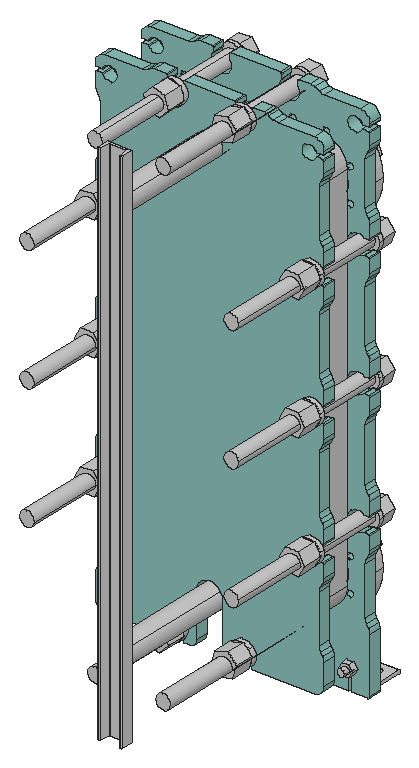
Revit family "Ekin_Endüstriyel - MIT521", category Specialty Equipment, Revit 2022
Family settings
  Round Connector Dimension = Use Diameter
  Part Type = Normal
  Work Plane-Based = No
  Always vertical = No
  Cut with Voids When Loaded = No
  Maintain Annotation Orientation = No
  Shared = No
  Room Calculation Point = No
Parameters (values of type "Flanged")
  URL = "https://en.ekinendustriyel.com/plate-heat-exchanger"
  Type Comments = ""
  Thickness_of_Plate = 0.50 mm  # constant formula
  Number_of_Plate [instance] = 30
  Model = if(Hygienic, if(Design Pressure < 11.0 bar, "H12340000F100L", if(Design Pressure < 16.0 bar, " H12340000F100M", " H12340000F100H")), if(Design Pressure < 10.0 bar, "E12340000F100L", if(Design Pressure < 16.0 bar, " E12340000F100M", " E12340000F100H")))  # "H12340000F100L"
  Material = Galvanized Steel- S235JR
  Manufacturer = "Ekin Endüstriyel"
  Lk [instance] = (Number_of_Plate) * ((Thickness_of_Plate) + 2.60 mm)  # 93.00 mm
  Lh [instance] = 1090.00 mm  # constant formula
  Lf [instance] = 1035.00 mm  # constant formula
  Lc [instance] = if(Number_of_Plate < 31, 350.00 mm, if(Number_of_Plate < 56, 500.00 mm, if(Number_of_Plate < 106, 750.00 mm, if(Number_of_Plate < 151, 1000.00 mm, 1250.00 mm))))  # 350.00 mm
  La [instance] = 470.00 mm  # constant formula
  Keynote = ""
  Industrial = not(Hygienic)  # no
  Hygienic = yes
  Head & Follower Plate [instance] = if(Design Pressure < 11.0 bar, 25.00 mm, if(Design Pressure < 17.0 bar, 35.00 mm, 45.00 mm))  # 25.00 mm
  Follower Plate [instance] = -(Head & Follower Plate)  # -25.00 mm
  Design Pressure = 6.89476 bar
  Description = if(Design Pressure < 11.0 bar, "MIT - Heat Exchanger - 10 bar", if(Design Pressure < 16.0 bar, " MIT - Heat Exchanger - 16 bar", " MIT - Heat Exchanger - 25 bar"))  # "MIT - Heat Exchanger - 10 bar"
  Default Elevation = 0.00 mm
Reference planes
  plane 1 "Center (Front/Back)": y = 0
  plane 2: z = 0
  plane 3 "Center (Left/Right)": x = 0
  plane 4: x = 1160
  plane 5: x = -1000
  plane 6 "2": y = -118
  plane 7 "1": y = -25
  plane 8 "3": y = -375
  plane 9 "Bolt End": y = 18.7
  plane 10: y = -350
Forms (mm)
  Extrusion 1, solid, material "Galvanized Steel", detail levels fine
    sketch origin (4.063, 0, 0) x (1, 0, 0) y (0, 0, 1)
      loop
        line (82.957, 1088) -> (82.957, 1078.933)
        arc (82.957, 1078.933) -> (83.045, 1078.344) -> (83.303, 1077.808) r 2
        arc (83.303, 1077.808) -> (65.937, 1045) -> (48.571, 1077.808) r 21
        arc (48.571, 1077.808) -> (48.829, 1078.344) -> (48.917, 1078.933) r 2
        line (48.917, 1078.933) -> (48.917, 1088)
        arc (48.917, 1088) -> (48.332, 1089.414) -> (46.917, 1090) r 2
        line (46.917, 1090) -> (-55.043, 1090)
        arc (-55.043, 1090) -> (-56.458, 1089.414) -> (-57.043, 1088) r 2
        line (-57.043, 1088) -> (-57.043, 1078.933)
        arc (-57.043, 1078.933) -> (-56.955, 1078.344) -> (-56.697, 1077.808) r 2
        arc (-56.697, 1077.808) -> (-74.063, 1045) -> (-91.429, 1077.808) r 21
        arc (-91.429, 1077.808) -> (-91.171, 1078.344) -> (-91.083, 1078.933) r 2
        line (-91.083, 1078.933) -> (-91.083, 1088)
        arc (-91.083, 1088) -> (-91.668, 1089.414) -> (-93.083, 1090) r 2
        line (-93.083, 1090) -> (-116.204, 1090)
        arc (-116.204, 1090) -> (-121.38, 1089.319) -> (-126.204, 1087.321) r 20
        line (-126.204, 1087.321) -> (-134.243, 1082.679)
        arc (-134.243, 1082.679) -> (-139.066, 1080.681) -> (-144.243, 1080) r 20
        line (-144.243, 1080) -> (-219.063, 1080)
        arc (-219.063, 1080) -> (-233.205, 1074.142) -> (-239.063, 1060) r 20
        line (-239.063, 1060) -> (-239.063, 1055)
        arc (-239.063, 1055) -> (-238.477, 1053.586) -> (-237.063, 1053) r 2
        line (-237.063, 1053) -> (-224.969, 1053)
        arc (-224.969, 1053) -> (-223.831, 1053.355) -> (-223.098, 1054.294) r 2
        arc (-223.098, 1054.294) -> (-194.063, 1049) -> (-223.098, 1043.706) r 15
        arc (-223.098, 1043.706) -> (-223.831, 1044.645) -> (-224.969, 1045) r 2
        line (-224.969, 1045) -> (-237.063, 1045)
        arc (-237.063, 1045) -> (-238.477, 1044.414) -> (-239.063, 1043) r 2
        line (-239.063, 1043) -> (-239.063, 1019.179)
        arc (-239.063, 1019.179) -> (-238.382, 1014.003) -> (-236.384, 1009.179) r 20
        line (-236.384, 1009.179) -> (-231.743, 1001.141)
        arc (-231.743, 1001.141) -> (-229.745, 996.317) -> (-229.063, 991.141) r 20
        line (-229.063, 991.141) -> (-229.063, 901.859)
        arc (-229.063, 901.859) -> (-229.745, 896.683) -> (-231.743, 891.859) r 20
        line (-231.743, 891.859) -> (-236.384, 883.821)
        arc (-236.384, 883.821) -> (-238.382, 878.997) -> (-239.063, 873.821) r 20
        line (-239.063, 873.821) -> (-239.063, 847.25)
        arc (-239.063, 847.25) -> (-238.477, 845.836) -> (-237.063, 845.25) r 2
        line (-237.063, 845.25) -> (-228.061, 845.25)
        arc (-228.061, 845.25) -> (-227.418, 845.356) -> (-226.844, 845.663) r 2
        arc (-226.844, 845.663) -> (-193.063, 829) -> (-226.844, 812.337) r 21
        arc (-226.844, 812.337) -> (-227.418, 812.644) -> (-228.061, 812.75) r 2
        line (-228.061, 812.75) -> (-237.063, 812.75)
        arc (-237.063, 812.75) -> (-238.477, 812.164) -> (-239.063, 810.75) r 2
        line (-239.063, 810.75) -> (-239.063, 784.179)
        arc (-239.063, 784.179) -> (-238.382, 779.003) -> (-236.384, 774.179) r 20
        line (-236.384, 774.179) -> (-231.743, 766.141)
        arc (-231.743, 766.141) -> (-229.745, 761.317) -> (-229.063, 756.141) r 20
        line (-229.063, 756.141) -> (-229.063, 646.859)
        arc (-229.063, 646.859) -> (-229.745, 641.683) -> (-231.743, 636.859) r 20
        line (-231.743, 636.859) -> (-236.384, 628.821)
        arc (-236.384, 628.821) -> (-238.382, 623.997) -> (-239.063, 618.821) r 20
        line (-239.063, 618.821) -> (-239.063, 592.25)
        arc (-239.063, 592.25) -> (-238.477, 590.836) -> (-237.063, 590.25) r 2
        line (-237.063, 590.25) -> (-228.061, 590.25)
        arc (-228.061, 590.25) -> (-227.418, 590.356) -> (-226.844, 590.663) r 2
        arc (-226.844, 590.663) -> (-193.063, 574) -> (-226.844, 557.337) r 21
        arc (-226.844, 557.337) -> (-227.418, 557.644) -> (-228.061, 557.75) r 2
        line (-228.061, 557.75) -> (-237.063, 557.75)
        arc (-237.063, 557.75) -> (-238.477, 557.164) -> (-239.063, 555.75) r 2
        line (-239.063, 555.75) -> (-239.063, 529.179)
        arc (-239.063, 529.179) -> (-238.382, 524.003) -> (-236.384, 519.179) r 20
        line (-236.384, 519.179) -> (-231.743, 511.141)
        arc (-231.743, 511.141) -> (-229.745, 506.317) -> (-229.063, 501.141) r 20
        line (-229.063, 501.141) -> (-229.063, 391.859)
        arc (-229.063, 391.859) -> (-229.745, 386.683) -> (-231.743, 381.859) r 20
        line (-231.743, 381.859) -> (-236.384, 373.821)
        arc (-236.384, 373.821) -> (-238.382, 368.997) -> (-239.063, 363.821) r 20
        line (-239.063, 363.821) -> (-239.063, 337.25)
        arc (-239.063, 337.25) -> (-238.477, 335.836) -> (-237.063, 335.25) r 2
        line (-237.063, 335.25) -> (-228.061, 335.25)
        arc (-228.061, 335.25) -> (-227.418, 335.356) -> (-226.844, 335.663) r 2
        arc (-226.844, 335.663) -> (-193.063, 319) -> (-226.844, 302.337) r 21
        arc (-226.844, 302.337) -> (-227.418, 302.644) -> (-228.061, 302.75) r 2
        line (-228.061, 302.75) -> (-237.063, 302.75)
        arc (-237.063, 302.75) -> (-238.477, 302.164) -> (-239.063, 300.75) r 2
        line (-239.063, 300.75) -> (-239.063, 274.179)
        arc (-239.063, 274.179) -> (-238.382, 269.003) -> (-236.384, 264.179) r 20
        line (-236.384, 264.179) -> (-231.743, 256.141)
        arc (-231.743, 256.141) -> (-229.745, 251.317) -> (-229.063, 246.141) r 20
        line (-229.063, 246.141) -> (-229.063, 146.859)
        arc (-229.063, 146.859) -> (-229.745, 141.683) -> (-231.743, 136.859) r 20
        line (-231.743, 136.859) -> (-236.384, 128.821)
        arc (-236.384, 128.821) -> (-238.382, 123.997) -> (-239.063, 118.821) r 20
        line (-239.063, 118.821) -> (-239.063, 5)
        arc (-239.063, 5) -> (-237.599, 1.464) -> (-234.063, 0) r 5
        line (-234.063, 0) -> (-202.063, 0) -> (-202.063, 34.417)
        arc (-202.063, 34.417) -> (-199.063, 56) -> (-196.063, 34.417) r 11
        line (-196.063, 34.417) -> (-196.063, 0) -> (-164.063, 0)
        arc (-164.063, 0) -> (-160.527, 1.464) -> (-159.063, 5) r 5
        line (-159.063, 5) -> (-159.063, 19.216)
        arc (-159.063, 19.216) -> (-157.541, 26.869) -> (-153.205, 33.358) r 20
        line (-153.205, 33.358) -> (-137.421, 49.142)
        arc (-137.421, 49.142) -> (-130.932, 53.478) -> (-123.279, 55) r 20
        line (-123.279, 55) -> (-92.313, 55)
        arc (-92.313, 55) -> (-90.899, 55.586) -> (-90.313, 57) r 2
        line (-90.313, 57) -> (-90.313, 66.002)
        arc (-90.313, 66.002) -> (-90.419, 66.645) -> (-90.726, 67.219) r 2
        arc (-90.726, 67.219) -> (-74.063, 101) -> (-57.4, 67.219) r 21
        arc (-57.4, 67.219) -> (-57.707, 66.645) -> (-57.813, 66.002) r 2
        line (-57.813, 66.002) -> (-57.813, 57)
        arc (-57.813, 57) -> (-57.227, 55.586) -> (-55.813, 55) r 2
        line (-55.813, 55) -> (47.687, 55)
        arc (47.687, 55) -> (49.101, 55.586) -> (49.687, 57) r 2
        line (49.687, 57) -> (49.687, 66.002)
        arc (49.687, 66.002) -> (49.581, 66.645) -> (49.274, 67.219) r 2
        arc (49.274, 67.219) -> (65.937, 101) -> (82.6, 67.219) r 21
        arc (82.6, 67.219) -> (82.293, 66.645) -> (82.187, 66.002) r 2
        line (82.187, 66.002) -> (82.187, 57)
        arc (82.187, 57) -> (82.773, 55.586) -> (84.187, 55) r 2
        line (84.187, 55) -> (115.153, 55)
        arc (115.153, 55) -> (122.806, 53.478) -> (129.295, 49.142) r 20
        line (129.295, 49.142) -> (145.079, 33.358)
        arc (145.079, 33.358) -> (149.415, 26.869) -> (150.937, 19.216) r 20
        line (150.937, 19.216) -> (150.937, 5)
        arc (150.937, 5) -> (152.401, 1.464) -> (155.937, 0) r 5
        line (155.937, 0) -> (187.937, 0) -> (187.937, 34.417)
        arc (187.937, 34.417) -> (190.937, 56) -> (193.937, 34.417) r 11
        line (193.937, 34.417) -> (193.937, 0) -> (225.937, 0)
        arc (225.937, 0) -> (229.473, 1.464) -> (230.937, 5) r 5
        line (230.937, 5) -> (230.937, 118.821)
        arc (230.937, 118.821) -> (230.255, 123.997) -> (228.257, 128.821) r 20
        line (228.257, 128.821) -> (223.616, 136.859)
        arc (223.616, 136.859) -> (221.618, 141.683) -> (220.937, 146.859) r 20
        line (220.937, 146.859) -> (220.937, 246.141)
        arc (220.937, 246.141) -> (221.618, 251.317) -> (223.616, 256.141) r 20
        line (223.616, 256.141) -> (228.257, 264.179)
        arc (228.257, 264.179) -> (230.255, 269.003) -> (230.937, 274.179) r 20
        line (230.937, 274.179) -> (230.937, 300.75)
        arc (230.937, 300.75) -> (230.351, 302.164) -> (228.937, 302.75) r 2
        line (228.937, 302.75) -> (219.935, 302.75)
        arc (219.935, 302.75) -> (219.292, 302.644) -> (218.718, 302.337) r 2
        arc (218.718, 302.337) -> (184.937, 319) -> (218.718, 335.663) r 21
        arc (218.718, 335.663) -> (219.292, 335.356) -> (219.935, 335.25) r 2
        line (219.935, 335.25) -> (228.937, 335.25)
        arc (228.937, 335.25) -> (230.351, 335.836) -> (230.937, 337.25) r 2
        line (230.937, 337.25) -> (230.937, 363.821)
        arc (230.937, 363.821) -> (230.255, 368.997) -> (228.257, 373.821) r 20
        line (228.257, 373.821) -> (223.616, 381.859)
        arc (223.616, 381.859) -> (221.618, 386.683) -> (220.937, 391.859) r 20
        line (220.937, 391.859) -> (220.937, 501.141)
        arc (220.937, 501.141) -> (221.618, 506.317) -> (223.616, 511.141) r 20
        line (223.616, 511.141) -> (228.257, 519.179)
        arc (228.257, 519.179) -> (230.255, 524.003) -> (230.937, 529.179) r 20
        line (230.937, 529.179) -> (230.937, 555.75)
        arc (230.937, 555.75) -> (230.351, 557.164) -> (228.937, 557.75) r 2
        line (228.937, 557.75) -> (219.935, 557.75)
        arc (219.935, 557.75) -> (219.292, 557.644) -> (218.718, 557.337) r 2
        arc (218.718, 557.337) -> (184.937, 574) -> (218.718, 590.663) r 21
        arc (218.718, 590.663) -> (219.292, 590.356) -> (219.935, 590.25) r 2
        line (219.935, 590.25) -> (228.937, 590.25)
        arc (228.937, 590.25) -> (230.351, 590.836) -> (230.937, 592.25) r 2
        line (230.937, 592.25) -> (230.937, 618.821)
        arc (230.937, 618.821) -> (230.255, 623.997) -> (228.257, 628.821) r 20
        line (228.257, 628.821) -> (223.616, 636.859)
        arc (223.616, 636.859) -> (221.618, 641.683) -> (220.937, 646.859) r 20
        line (220.937, 646.859) -> (220.937, 756.141)
        arc (220.937, 756.141) -> (221.618, 761.317) -> (223.616, 766.141) r 20
        line (223.616, 766.141) -> (228.257, 774.179)
        arc (228.257, 774.179) -> (230.255, 779.003) -> (230.937, 784.179) r 20
        line (230.937, 784.179) -> (230.937, 810.75)
        arc (230.937, 810.75) -> (230.351, 812.164) -> (228.937, 812.75) r 2
        line (228.937, 812.75) -> (219.935, 812.75)
        arc (219.935, 812.75) -> (219.292, 812.644) -> (218.718, 812.337) r 2
        arc (218.718, 812.337) -> (184.937, 829) -> (218.718, 845.663) r 21
        arc (218.718, 845.663) -> (219.292, 845.356) -> (219.935, 845.25) r 2
        line (219.935, 845.25) -> (228.937, 845.25)
        arc (228.937, 845.25) -> (230.351, 845.836) -> (230.937, 847.25) r 2
        line (230.937, 847.25) -> (230.937, 873.821)
        arc (230.937, 873.821) -> (230.255, 878.997) -> (228.257, 883.821) r 20
        line (228.257, 883.821) -> (223.616, 891.859)
        arc (223.616, 891.859) -> (221.618, 896.683) -> (220.937, 901.859) r 20
        line (220.937, 901.859) -> (220.937, 991.141)
        arc (220.937, 991.141) -> (221.618, 996.317) -> (223.616, 1001.141) r 20
        line (223.616, 1001.141) -> (228.257, 1009.179)
        arc (228.257, 1009.179) -> (230.255, 1014.003) -> (230.937, 1019.179) r 20
        line (230.937, 1019.179) -> (230.937, 1043)
        arc (230.937, 1043) -> (230.351, 1044.414) -> (228.937, 1045) r 2
        line (228.937, 1045) -> (216.843, 1045)
        arc (216.843, 1045) -> (215.705, 1044.645) -> (214.972, 1043.706) r 2
        arc (214.972, 1043.706) -> (185.937, 1049) -> (214.972, 1054.294) r 15
        arc (214.972, 1054.294) -> (215.705, 1053.355) -> (216.843, 1053) r 2
        line (216.843, 1053) -> (228.937, 1053)
        arc (228.937, 1053) -> (230.351, 1053.586) -> (230.937, 1055) r 2
        line (230.937, 1055) -> (230.937, 1060)
        arc (230.937, 1060) -> (225.079, 1074.142) -> (210.937, 1080) r 20
        line (210.937, 1080) -> (136.116, 1080)
        arc (136.116, 1080) -> (130.94, 1080.681) -> (126.116, 1082.679) r 20
        line (126.116, 1082.679) -> (118.078, 1087.321)
        arc (118.078, 1087.321) -> (113.254, 1089.319) -> (108.078, 1090) r 20
        line (108.078, 1090) -> (84.957, 1090)
        arc (84.957, 1090) -> (83.542, 1089.414) -> (82.957, 1088) r 2
      loop
        circle (142.128, 1016.149) r 7
      loop
        circle (190.836, 967.442) r 7
      loop
        circle (190.836, 898.558) r 7
      loop
        circle (142.128, 849.851) r 7
      loop
        circle (73.245, 1016.149) r 7
      loop
        circle (24.538, 967.442) r 7
      loop
        circle (24.538, 898.558) r 7
      loop
        circle (73.245, 849.851) r 7
      loop
        circle (142.128, 298.149) r 7
      loop
        circle (190.836, 249.442) r 7
      loop
        circle (190.836, 180.558) r 7
      loop
        circle (142.128, 131.851) r 7
      loop
        circle (73.245, 298.149) r 7
      loop
        circle (24.538, 249.442) r 7
      loop
        circle (24.538, 180.558) r 7
      loop
        circle (73.245, 131.851) r 7
      loop
        circle (107.687, 933) r 77
      loop
        circle (107.687, 215) r 77
      loop
        circle (-4.063, 156) r 6.25
      loop
        circle (-4.063, 992) r 6.25
      loop
        circle (-150.255, 1016.149) r 7
      loop
        circle (-198.962, 967.442) r 7
      loop
        circle (-198.962, 898.558) r 7
      loop
        circle (-150.255, 849.851) r 7
      loop
        circle (-81.372, 1016.149) r 7
      loop
        circle (-32.664, 967.442) r 7
      loop
        circle (-32.664, 898.558) r 7
      loop
        circle (-81.372, 849.851) r 7
      loop
        circle (-150.255, 298.149) r 7
      loop
        circle (-198.962, 249.442) r 7
      loop
        circle (-198.962, 180.558) r 7
      loop
        circle (-150.255, 131.851) r 7
      loop
        circle (-81.372, 298.149) r 7
      loop
        circle (-32.664, 249.442) r 7
      loop
        circle (-32.664, 180.558) r 7
      loop
        circle (-81.372, 131.851) r 7
      loop
        circle (-115.813, 933) r 77
      loop
        circle (-115.813, 215) r 77
    from 0 to 25
  Extrusion 2, solid, material "Galvanized Steel", detail levels fine
    sketch origin (4.063, -118, 0) x (-1, 0, 0) y (0, 0, 1)
      loop
        line (91.083, 1088) -> (91.083, 1078.933)
        arc (91.083, 1078.933) -> (91.171, 1078.344) -> (91.429, 1077.808) r 2
        arc (91.429, 1077.808) -> (74.063, 1045) -> (56.697, 1077.808) r 21
        arc (56.697, 1077.808) -> (56.955, 1078.344) -> (57.043, 1078.933) r 2
        line (57.043, 1078.933) -> (57.043, 1088)
        arc (57.043, 1088) -> (56.458, 1089.414) -> (55.043, 1090) r 2
        line (55.043, 1090) -> (-46.917, 1090)
        arc (-46.917, 1090) -> (-48.332, 1089.414) -> (-48.917, 1088) r 2
        line (-48.917, 1088) -> (-48.917, 1078.933)
        arc (-48.917, 1078.933) -> (-48.829, 1078.344) -> (-48.571, 1077.808) r 2
        arc (-48.571, 1077.808) -> (-65.937, 1045) -> (-83.303, 1077.808) r 21
        arc (-83.303, 1077.808) -> (-83.045, 1078.344) -> (-82.957, 1078.933) r 2
        line (-82.957, 1078.933) -> (-82.957, 1088)
        arc (-82.957, 1088) -> (-83.542, 1089.414) -> (-84.957, 1090) r 2
        line (-84.957, 1090) -> (-108.078, 1090)
        arc (-108.078, 1090) -> (-113.254, 1089.319) -> (-118.078, 1087.321) r 20
        line (-118.078, 1087.321) -> (-126.116, 1082.679)
        arc (-126.116, 1082.679) -> (-130.94, 1080.681) -> (-136.116, 1080) r 20
        line (-136.116, 1080) -> (-210.937, 1080)
        arc (-210.937, 1080) -> (-225.079, 1074.142) -> (-230.937, 1060) r 20
        line (-230.937, 1060) -> (-230.937, 1055)
        arc (-230.937, 1055) -> (-230.351, 1053.586) -> (-228.937, 1053) r 2
        line (-228.937, 1053) -> (-216.843, 1053)
        arc (-216.843, 1053) -> (-215.705, 1053.355) -> (-214.972, 1054.294) r 2
        arc (-214.972, 1054.294) -> (-185.937, 1049) -> (-214.972, 1043.706) r 15
        arc (-214.972, 1043.706) -> (-215.705, 1044.645) -> (-216.843, 1045) r 2
        line (-216.843, 1045) -> (-228.937, 1045)
        arc (-228.937, 1045) -> (-230.351, 1044.414) -> (-230.937, 1043) r 2
        line (-230.937, 1043) -> (-230.937, 1019.179)
        arc (-230.937, 1019.179) -> (-230.255, 1014.003) -> (-228.257, 1009.179) r 20
        line (-228.257, 1009.179) -> (-223.616, 1001.141)
        arc (-223.616, 1001.141) -> (-221.618, 996.317) -> (-220.937, 991.141) r 20
        line (-220.937, 991.141) -> (-220.937, 901.859)
        arc (-220.937, 901.859) -> (-221.618, 896.683) -> (-223.616, 891.859) r 20
        line (-223.616, 891.859) -> (-228.257, 883.821)
        arc (-228.257, 883.821) -> (-230.255, 878.997) -> (-230.937, 873.821) r 20
        line (-230.937, 873.821) -> (-230.937, 847.25)
        arc (-230.937, 847.25) -> (-230.351, 845.836) -> (-228.937, 845.25) r 2
        line (-228.937, 845.25) -> (-219.935, 845.25)
        arc (-219.935, 845.25) -> (-219.292, 845.356) -> (-218.718, 845.663) r 2
        arc (-218.718, 845.663) -> (-184.937, 829) -> (-218.718, 812.337) r 21
        arc (-218.718, 812.337) -> (-219.292, 812.644) -> (-219.935, 812.75) r 2
        line (-219.935, 812.75) -> (-228.937, 812.75)
        arc (-228.937, 812.75) -> (-230.351, 812.164) -> (-230.937, 810.75) r 2
        line (-230.937, 810.75) -> (-230.937, 784.179)
        arc (-230.937, 784.179) -> (-230.255, 779.003) -> (-228.257, 774.179) r 20
        line (-228.257, 774.179) -> (-223.616, 766.141)
        arc (-223.616, 766.141) -> (-221.618, 761.317) -> (-220.937, 756.141) r 20
        line (-220.937, 756.141) -> (-220.937, 646.859)
        arc (-220.937, 646.859) -> (-221.618, 641.683) -> (-223.616, 636.859) r 20
        line (-223.616, 636.859) -> (-228.257, 628.821)
        arc (-228.257, 628.821) -> (-230.255, 623.997) -> (-230.937, 618.821) r 20
        line (-230.937, 618.821) -> (-230.937, 592.25)
        arc (-230.937, 592.25) -> (-230.351, 590.836) -> (-228.937, 590.25) r 2
        line (-228.937, 590.25) -> (-219.935, 590.25)
        arc (-219.935, 590.25) -> (-219.292, 590.356) -> (-218.718, 590.663) r 2
        arc (-218.718, 590.663) -> (-184.937, 574) -> (-218.718, 557.337) r 21
        arc (-218.718, 557.337) -> (-219.292, 557.644) -> (-219.935, 557.75) r 2
        line (-219.935, 557.75) -> (-228.937, 557.75)
        arc (-228.937, 557.75) -> (-230.351, 557.164) -> (-230.937, 555.75) r 2
        line (-230.937, 555.75) -> (-230.937, 529.179)
        arc (-230.937, 529.179) -> (-230.255, 524.003) -> (-228.257, 519.179) r 20
        line (-228.257, 519.179) -> (-223.616, 511.141)
        arc (-223.616, 511.141) -> (-221.618, 506.317) -> (-220.937, 501.141) r 20
        line (-220.937, 501.141) -> (-220.937, 391.859)
        arc (-220.937, 391.859) -> (-221.618, 386.683) -> (-223.616, 381.859) r 20
        line (-223.616, 381.859) -> (-228.257, 373.821)
        arc (-228.257, 373.821) -> (-230.255, 368.997) -> (-230.937, 363.821) r 20
        line (-230.937, 363.821) -> (-230.937, 337.25)
        arc (-230.937, 337.25) -> (-230.351, 335.836) -> (-228.937, 335.25) r 2
        line (-228.937, 335.25) -> (-219.935, 335.25)
        arc (-219.935, 335.25) -> (-219.292, 335.356) -> (-218.718, 335.663) r 2
        arc (-218.718, 335.663) -> (-184.937, 319) -> (-218.718, 302.337) r 21
        arc (-218.718, 302.337) -> (-219.292, 302.644) -> (-219.935, 302.75) r 2
        line (-219.935, 302.75) -> (-228.937, 302.75)
        arc (-228.937, 302.75) -> (-230.351, 302.164) -> (-230.937, 300.75) r 2
        line (-230.937, 300.75) -> (-230.937, 274.179)
        arc (-230.937, 274.179) -> (-230.255, 269.003) -> (-228.257, 264.179) r 20
        line (-228.257, 264.179) -> (-223.616, 256.141)
        arc (-223.616, 256.141) -> (-221.618, 251.317) -> (-220.937, 246.141) r 20
        line (-220.937, 246.141) -> (-220.937, 146.859)
        arc (-220.937, 146.859) -> (-221.618, 141.683) -> (-223.616, 136.859) r 20
        line (-223.616, 136.859) -> (-228.257, 128.821)
        arc (-228.257, 128.821) -> (-230.255, 123.997) -> (-230.937, 118.821) r 20
        line (-230.937, 118.821) -> (-230.937, 75)
        arc (-230.937, 75) -> (-225.079, 60.858) -> (-210.937, 55) r 20
        line (-210.937, 55) -> (-84.187, 55)
        arc (-84.187, 55) -> (-82.773, 55.586) -> (-82.187, 57) r 2
        line (-82.187, 57) -> (-82.187, 66.002)
        arc (-82.187, 66.002) -> (-82.293, 66.645) -> (-82.6, 67.219) r 2
        arc (-82.6, 67.219) -> (-65.937, 101) -> (-49.274, 67.219) r 21
        arc (-49.274, 67.219) -> (-49.581, 66.645) -> (-49.687, 66.002) r 2
        line (-49.687, 66.002) -> (-49.687, 57)
        arc (-49.687, 57) -> (-49.101, 55.586) -> (-47.687, 55) r 2
        line (-47.687, 55) -> (-37.437, 55)
        arc (-37.437, 55) -> (-26.83, 59.393) -> (-22.437, 70) r 15
        line (-22.437, 70) -> (-22.437, 161)
        arc (-22.437, 161) -> (4.063, 187.5) -> (30.563, 161) r 26.5
        line (30.563, 161) -> (30.563, 70)
        arc (30.563, 70) -> (34.956, 59.393) -> (45.563, 55) r 15
        line (45.563, 55) -> (55.813, 55)
        arc (55.813, 55) -> (57.227, 55.586) -> (57.813, 57) r 2
        line (57.813, 57) -> (57.813, 66.002)
        arc (57.813, 66.002) -> (57.707, 66.645) -> (57.4, 67.219) r 2
        arc (57.4, 67.219) -> (74.063, 101) -> (90.726, 67.219) r 21
        arc (90.726, 67.219) -> (90.419, 66.645) -> (90.313, 66.002) r 2
        line (90.313, 66.002) -> (90.313, 57)
        arc (90.313, 57) -> (90.899, 55.586) -> (92.313, 55) r 2
        line (92.313, 55) -> (219.063, 55)
        arc (219.063, 55) -> (233.205, 60.858) -> (239.063, 75) r 20
        line (239.063, 75) -> (239.063, 118.821)
        arc (239.063, 118.821) -> (238.382, 123.997) -> (236.384, 128.821) r 20
        line (236.384, 128.821) -> (231.743, 136.859)
        arc (231.743, 136.859) -> (229.745, 141.683) -> (229.063, 146.859) r 20
        line (229.063, 146.859) -> (229.063, 246.141)
        arc (229.063, 246.141) -> (229.745, 251.317) -> (231.743, 256.141) r 20
        line (231.743, 256.141) -> (236.384, 264.179)
        arc (236.384, 264.179) -> (238.382, 269.003) -> (239.063, 274.179) r 20
        line (239.063, 274.179) -> (239.063, 300.75)
        arc (239.063, 300.75) -> (238.477, 302.164) -> (237.063, 302.75) r 2
        line (237.063, 302.75) -> (228.061, 302.75)
        arc (228.061, 302.75) -> (227.418, 302.644) -> (226.844, 302.337) r 2
        arc (226.844, 302.337) -> (193.063, 319) -> (226.844, 335.663) r 21
        arc (226.844, 335.663) -> (227.418, 335.356) -> (228.061, 335.25) r 2
        line (228.061, 335.25) -> (237.063, 335.25)
        arc (237.063, 335.25) -> (238.477, 335.836) -> (239.063, 337.25) r 2
        line (239.063, 337.25) -> (239.063, 363.821)
        arc (239.063, 363.821) -> (238.382, 368.997) -> (236.384, 373.821) r 20
        line (236.384, 373.821) -> (231.743, 381.859)
        arc (231.743, 381.859) -> (229.745, 386.683) -> (229.063, 391.859) r 20
        line (229.063, 391.859) -> (229.063, 501.141)
        arc (229.063, 501.141) -> (229.745, 506.317) -> (231.743, 511.141) r 20
        line (231.743, 511.141) -> (236.384, 519.179)
        arc (236.384, 519.179) -> (238.382, 524.003) -> (239.063, 529.179) r 20
        line (239.063, 529.179) -> (239.063, 555.75)
        arc (239.063, 555.75) -> (238.477, 557.164) -> (237.063, 557.75) r 2
        line (237.063, 557.75) -> (228.061, 557.75)
        arc (228.061, 557.75) -> (227.418, 557.644) -> (226.844, 557.337) r 2
        arc (226.844, 557.337) -> (193.063, 574) -> (226.844, 590.663) r 21
        arc (226.844, 590.663) -> (227.418, 590.356) -> (228.061, 590.25) r 2
        line (228.061, 590.25) -> (237.063, 590.25)
        arc (237.063, 590.25) -> (238.477, 590.836) -> (239.063, 592.25) r 2
        line (239.063, 592.25) -> (239.063, 618.821)
        arc (239.063, 618.821) -> (238.382, 623.997) -> (236.384, 628.821) r 20
        line (236.384, 628.821) -> (231.743, 636.859)
        arc (231.743, 636.859) -> (229.745, 641.683) -> (229.063, 646.859) r 20
        line (229.063, 646.859) -> (229.063, 756.141)
        arc (229.063, 756.141) -> (229.745, 761.317) -> (231.743, 766.141) r 20
        line (231.743, 766.141) -> (236.384, 774.179)
        arc (236.384, 774.179) -> (238.382, 779.003) -> (239.063, 784.179) r 20
        line (239.063, 784.179) -> (239.063, 810.75)
        arc (239.063, 810.75) -> (238.477, 812.164) -> (237.063, 812.75) r 2
        line (237.063, 812.75) -> (228.061, 812.75)
        arc (228.061, 812.75) -> (227.418, 812.644) -> (226.844, 812.337) r 2
        arc (226.844, 812.337) -> (193.063, 829) -> (226.844, 845.663) r 21
        arc (226.844, 845.663) -> (227.418, 845.356) -> (228.061, 845.25) r 2
        line (228.061, 845.25) -> (237.063, 845.25)
        arc (237.063, 845.25) -> (238.477, 845.836) -> (239.063, 847.25) r 2
        line (239.063, 847.25) -> (239.063, 873.821)
        arc (239.063, 873.821) -> (238.382, 878.997) -> (236.384, 883.821) r 20
        line (236.384, 883.821) -> (231.743, 891.859)
        arc (231.743, 891.859) -> (229.745, 896.683) -> (229.063, 901.859) r 20
        line (229.063, 901.859) -> (229.063, 991.141)
        arc (229.063, 991.141) -> (229.745, 996.317) -> (231.743, 1001.141) r 20
        line (231.743, 1001.141) -> (236.384, 1009.179)
        arc (236.384, 1009.179) -> (238.382, 1014.003) -> (239.063, 1019.179) r 20
        line (239.063, 1019.179) -> (239.063, 1043)
        arc (239.063, 1043) -> (238.477, 1044.414) -> (237.063, 1045) r 2
        line (237.063, 1045) -> (224.969, 1045)
        arc (224.969, 1045) -> (223.831, 1044.645) -> (223.098, 1043.706) r 2
        arc (223.098, 1043.706) -> (194.063, 1049) -> (223.098, 1054.294) r 15
        arc (223.098, 1054.294) -> (223.831, 1053.355) -> (224.969, 1053) r 2
        line (224.969, 1053) -> (237.063, 1053)
        arc (237.063, 1053) -> (238.477, 1053.586) -> (239.063, 1055) r 2
        line (239.063, 1055) -> (239.063, 1060)
        arc (239.063, 1060) -> (233.205, 1074.142) -> (219.063, 1080) r 20
        line (219.063, 1080) -> (144.243, 1080)
        arc (144.243, 1080) -> (139.066, 1080.681) -> (134.243, 1082.679) r 20
        line (134.243, 1082.679) -> (126.204, 1087.321)
        arc (126.204, 1087.321) -> (121.38, 1089.319) -> (116.204, 1090) r 20
        line (116.204, 1090) -> (93.083, 1090)
        arc (93.083, 1090) -> (91.668, 1089.414) -> (91.083, 1088) r 2
      loop
        circle (4.063, 992) r 25
    from 0 to -25 <- "Follower Plate"
  Extrusion 3, solid, material "AISI 316L/Titanium/Hastelloy", detail levels fine
    sketch origin (0, -25, 0) x (-1, 0, 0) y (0, 0, 1)
      loop
        line (-26.15, 1007.5) -> (-137.5, 1007.5)
        arc (-137.5, 1007.5) -> (-172.855, 992.855) -> (-187.5, 957.5) r 50
        line (-187.5, 957.5) -> (-187.5, 190.5)
        arc (-187.5, 190.5) -> (-172.855, 155.145) -> (-137.5, 140.5) r 50
        line (-137.5, 140.5) -> (-26.15, 140.5) -> (-24.15, 142.5) -> (-24.15, 146.5) -> (-25.15, 148.5) -> (-25.15, 158.35)
        arc (-25.15, 158.35) -> (-20.029, 173.561) -> (-6.75, 182.577) r 25.15
        line (-6.75, 182.577) -> (-6.75, 190.5) -> (6.75, 190.5) -> (6.75, 182.577)
        arc (6.75, 182.577) -> (20.029, 173.561) -> (25.15, 158.35) r 25.15
        line (25.15, 158.35) -> (25.15, 148.5) -> (24.15, 146.5) -> (24.15, 142.5) -> (26.15, 140.5) -> (137.5, 140.5)
        arc (137.5, 140.5) -> (172.855, 155.145) -> (187.5, 190.5) r 50
        line (187.5, 190.5) -> (187.5, 957.5)
        arc (187.5, 957.5) -> (172.855, 992.855) -> (137.5, 1007.5) r 50
        line (137.5, 1007.5) -> (26.15, 1007.5) -> (24.15, 1005.5) -> (24.15, 1001.5) -> (25.15, 999.5) -> (25.15, 989.65)
        arc (25.15, 989.65) -> (20.029, 974.439) -> (6.75, 965.423) r 25.15
        line (6.75, 965.423) -> (6.75, 957.5) -> (-6.75, 957.5) -> (-6.75, 965.423)
        arc (-6.75, 965.423) -> (-20.029, 974.439) -> (-25.15, 989.65) r 25.15
        line (-25.15, 989.65) -> (-25.15, 999.5) -> (-24.15, 1001.5) -> (-24.15, 1005.5) -> (-26.15, 1007.5)
    from 0 to -93
  Extrusion 4, solid, material "Galvanized Steel- S235JR"
    sketch origin (0, 0, 0) x (1, 0, 0) y (0, 0, 1)
      loop
        circle (0, 992) r 25
      loop
        circle (0, 156) r 25
    from 25 to 375
  Extrusion 5, solid, material "Galvanized Steel- S235JR"
    sketch origin (0, 0, 0) x (1, 0, 0) y (0, 0, 1)
      loop
        circle (70, 1066) r 15
      loop
        circle (210, 829) r 15
      loop
        circle (210, 574) r 15
      loop
        circle (210, 319) r 15
      loop
        circle (70, 80) r 15
      loop
        circle (-70, 1066) r 15
      loop
        circle (-210, 829) r 15
      loop
        circle (-210, 574) r 15
      loop
        circle (-210, 319) r 15
      loop
        circle (-70, 80) r 15
    from 0 to 350
  Extrusion 6, solid, material "Galvanized Steel- S235JR", detail levels fine
    sketch origin (0, 0, 0) x (1, 0, 0) y (0, 0, 1)
      loop
        line (201.928, 57) -> (188.072, 57) -> (181.144, 45) -> (188.072, 33) -> (201.928, 33) -> (208.856, 45) -> (201.928, 57)
      loop
        line (-201.928, 57) -> (-208.856, 45) -> (-201.928, 33) -> (-188.072, 33) -> (-181.144, 45) -> (-188.072, 57) -> (-201.928, 57)
    from -10 to -20
  Extrusion 7, solid, material "Galvanized Steel- S235JR", detail levels fine
    sketch origin (0, 0, 0) x (1, 0, 0) y (0, 0, 1)
      loop
        circle (195, 45) r 15
      loop
        circle (-195, 45) r 15
    from -10 to -7.5
  Extrusion 8, solid, material "Galvanized Steel- S235JR", detail levels fine
    sketch origin (0, 0, 0) x (1, 0, 0) y (0, 0, 1)
      loop
        circle (195.004, 45) r 7
      loop
        circle (-195.004, 45) r 7
    from 49.8 to -7.5
  Extrusion 9, solid, material "Galvanized Steel- S235JR", detail levels fine
    sketch origin (0, 0, 0) x (1, 0, 0) y (0, 0, 1)
      loop
        line (201.928, 57) -> (188.072, 57) -> (181.144, 45) -> (188.072, 33) -> (201.928, 33) -> (208.856, 45) -> (201.928, 57)
      loop
        line (-201.928, 57) -> (-208.856, 45) -> (-201.928, 33) -> (-188.072, 33) -> (-181.144, 45) -> (-188.072, 57) -> (-201.928, 57)
    from 37.6 to 25
  Extrusion 10, solid, material "Galvanized Steel- S235JR", detail levels fine
    sketch origin (0, 0, 0) x (1, 0, 0) y (0, 0, 1)
      loop
        circle (-111.75, 933) r 40
      loop
        circle (-111.75, 215) r 40
      loop
        circle (111.75, 933) r 40
      loop
        circle (111.75, 215) r 40
      loop
        circle (-111.75, 933) r 77
      loop
        circle (111.75, 933) r 77
      loop
        circle (111.75, 215) r 77
      loop
        circle (-111.75, 215) r 77
    from -7.5 to 25
  Extrusion 11, solid, material "Galvanized Steel- S235JR", detail levels fine
    sketch origin (0, 0, 0) x (1, 0, 0) y (0, 0, 1)
      loop
        circle (194.899, 180.558) r 15
      loop
        circle (146.192, 131.851) r 15
      loop
        circle (194.899, 249.442) r 15
      loop
        circle (146.192, 298.149) r 15
      loop
        circle (28.601, 180.558) r 15
      loop
        circle (77.308, 131.851) r 15
      loop
        circle (28.601, 249.442) r 15
      loop
        circle (77.308, 298.149) r 15
      loop
        circle (-194.899, 180.558) r 15
      loop
        circle (-146.192, 131.851) r 15
      loop
        circle (-194.899, 249.442) r 15
      loop
        circle (-146.192, 298.149) r 15
      loop
        circle (-28.601, 180.558) r 15
      loop
        circle (-77.308, 131.851) r 15
      loop
        circle (-28.601, 249.442) r 15
      loop
        circle (-77.308, 298.149) r 15
      loop
        circle (194.899, 898.558) r 15
      loop
        circle (146.192, 849.851) r 15
      loop
        circle (194.899, 967.442) r 15
      loop
        circle (146.192, 1016.149) r 15
      loop
        circle (28.601, 898.558) r 15
      loop
        circle (77.308, 849.851) r 15
      loop
        circle (28.601, 967.442) r 15
      loop
        circle (77.308, 1016.149) r 15
      loop
        circle (-194.899, 898.558) r 15
      loop
        circle (-146.192, 849.851) r 15
      loop
        circle (-194.899, 967.442) r 15
      loop
        circle (-146.192, 1016.149) r 15
      loop
        circle (-28.601, 898.558) r 15
      loop
        circle (-77.308, 849.851) r 15
      loop
        circle (-28.601, 967.442) r 15
      loop
        circle (-77.308, 1016.149) r 15
    from -25.5 to -28.5
  Extrusion 12, solid, material "Galvanized Steel- S235JR", detail levels fine
    sketch origin (0, 0, 0) x (1, 0, 0) y (0, 0, 1)
      loop
        line (185.566, 191.569) -> (180.697, 177.981) -> (190.03, 166.971) -> (204.232, 169.548) -> (209.101, 183.136) -> (199.768, 194.146) -> (185.566, 191.569)
      loop
        line (147.378, 146.236) -> (134.327, 140.07) -> (133.141, 125.685) -> (145.005, 117.466) -> (158.056, 123.631) -> (159.242, 138.016) -> (147.378, 146.236)
      loop
        line (188.734, 262.492) -> (180.514, 250.628) -> (186.68, 237.577) -> (201.065, 236.391) -> (209.284, 248.255) -> (203.119, 261.306) -> (188.734, 262.492)
      loop
        line (143.614, 312.351) -> (132.604, 303.018) -> (135.181, 288.816) -> (148.769, 283.947) -> (159.779, 293.28) -> (157.202, 307.482) -> (143.614, 312.351)
      loop
        line (37.934, 191.569) -> (23.732, 194.146) -> (14.399, 183.136) -> (19.268, 169.548) -> (33.47, 166.971) -> (42.803, 177.981) -> (37.934, 191.569)
      loop
        line (76.122, 146.236) -> (64.258, 138.016) -> (65.444, 123.631) -> (78.495, 117.466) -> (90.359, 125.685) -> (89.173, 140.07) -> (76.122, 146.236)
      loop
        line (34.766, 262.492) -> (20.381, 261.306) -> (14.216, 248.255) -> (22.435, 236.391) -> (36.82, 237.577) -> (42.986, 250.628) -> (34.766, 262.492)
      loop
        line (79.886, 312.351) -> (66.298, 307.482) -> (63.721, 293.28) -> (74.731, 283.947) -> (88.319, 288.816) -> (90.896, 303.018) -> (79.886, 312.351)
      loop
        line (-185.566, 191.569) -> (-199.768, 194.146) -> (-209.101, 183.136) -> (-204.232, 169.548) -> (-190.03, 166.971) -> (-180.697, 177.981) -> (-185.566, 191.569)
      loop
        line (-147.378, 146.236) -> (-159.242, 138.016) -> (-158.056, 123.631) -> (-145.005, 117.466) -> (-133.141, 125.685) -> (-134.327, 140.07) -> (-147.378, 146.236)
      loop
        line (-188.734, 262.492) -> (-203.119, 261.306) -> (-209.284, 248.255) -> (-201.065, 236.391) -> (-186.68, 237.577) -> (-180.514, 250.628) -> (-188.734, 262.492)
      loop
        line (-143.614, 312.351) -> (-157.202, 307.482) -> (-159.779, 293.28) -> (-148.769, 283.947) -> (-135.181, 288.816) -> (-132.604, 303.018) -> (-143.614, 312.351)
      loop
        line (-37.934, 191.569) -> (-42.803, 177.981) -> (-33.47, 166.971) -> (-19.268, 169.548) -> (-14.399, 183.136) -> (-23.732, 194.146) -> (-37.934, 191.569)
      loop
        line (-76.122, 146.236) -> (-89.173, 140.07) -> (-90.359, 125.685) -> (-78.495, 117.466) -> (-65.444, 123.631) -> (-64.258, 138.016) -> (-76.122, 146.236)
      loop
        line (-34.766, 262.492) -> (-42.986, 250.628) -> (-36.82, 237.577) -> (-22.435, 236.391) -> (-14.216, 248.255) -> (-20.381, 261.306) -> (-34.766, 262.492)
      loop
        line (-79.886, 312.351) -> (-90.896, 303.018) -> (-88.319, 288.816) -> (-74.731, 283.947) -> (-63.721, 293.28) -> (-66.298, 307.482) -> (-79.886, 312.351)
      loop
        line (185.566, 909.569) -> (180.697, 895.981) -> (190.03, 884.971) -> (204.232, 887.548) -> (209.101, 901.136) -> (199.768, 912.146) -> (185.566, 909.569)
      loop
        line (147.378, 864.236) -> (134.327, 858.07) -> (133.141, 843.685) -> (145.005, 835.466) -> (158.056, 841.631) -> (159.242, 856.016) -> (147.378, 864.236)
      loop
        line (188.734, 980.492) -> (180.514, 968.628) -> (186.68, 955.577) -> (201.065, 954.391) -> (209.284, 966.255) -> (203.119, 979.306) -> (188.734, 980.492)
      loop
        line (143.614, 1030.351) -> (132.604, 1021.018) -> (135.181, 1006.816) -> (148.769, 1001.947) -> (159.779, 1011.28) -> (157.202, 1025.482) -> (143.614, 1030.351)
      loop
        line (37.934, 909.569) -> (23.732, 912.146) -> (14.399, 901.136) -> (19.268, 887.548) -> (33.47, 884.971) -> (42.803, 895.981) -> (37.934, 909.569)
      loop
        line (76.122, 864.236) -> (64.258, 856.016) -> (65.444, 841.631) -> (78.495, 835.466) -> (90.359, 843.685) -> (89.173, 858.07) -> (76.122, 864.236)
      loop
        line (34.766, 980.492) -> (20.381, 979.306) -> (14.216, 966.255) -> (22.435, 954.391) -> (36.82, 955.577) -> (42.986, 968.628) -> (34.766, 980.492)
      loop
        line (79.886, 1030.351) -> (66.298, 1025.482) -> (63.721, 1011.28) -> (74.731, 1001.947) -> (88.319, 1006.816) -> (90.896, 1021.018) -> (79.886, 1030.351)
      loop
        line (-185.566, 909.569) -> (-199.768, 912.146) -> (-209.101, 901.136) -> (-204.232, 887.548) -> (-190.03, 884.971) -> (-180.697, 895.981) -> (-185.566, 909.569)
      loop
        line (-147.378, 864.236) -> (-159.242, 856.016) -> (-158.056, 841.631) -> (-145.005, 835.466) -> (-133.141, 843.685) -> (-134.327, 858.07) -> (-147.378, 864.236)
      loop
        line (-188.734, 980.492) -> (-203.119, 979.306) -> (-209.284, 966.255) -> (-201.065, 954.391) -> (-186.68, 955.577) -> (-180.514, 968.628) -> (-188.734, 980.492)
      loop
        line (-143.614, 1030.351) -> (-157.202, 1025.482) -> (-159.779, 1011.28) -> (-148.769, 1001.947) -> (-135.181, 1006.816) -> (-132.604, 1021.018) -> (-143.614, 1030.351)
      loop
        line (-37.934, 909.569) -> (-42.803, 895.981) -> (-33.47, 884.971) -> (-19.268, 887.548) -> (-14.399, 901.136) -> (-23.732, 912.146) -> (-37.934, 909.569)
      loop
        line (-76.122, 864.236) -> (-89.173, 858.07) -> (-90.359, 843.685) -> (-78.495, 835.466) -> (-65.444, 841.631) -> (-64.258, 856.016) -> (-76.122, 864.236)
      loop
        line (-34.766, 980.492) -> (-42.986, 968.628) -> (-36.82, 955.577) -> (-22.435, 954.391) -> (-14.216, 966.255) -> (-20.381, 979.306) -> (-34.766, 980.492)
      loop
        line (-79.886, 1030.351) -> (-90.896, 1021.018) -> (-88.319, 1006.816) -> (-74.731, 1001.947) -> (-63.721, 1011.28) -> (-66.298, 1025.482) -> (-79.886, 1030.351)
    from -38.5 to -28.5
  Extrusion 13, solid, material "Galvanized Steel- S235JR", detail levels fine
    sketch origin (0, 0, 0) x (1, 0, 0) y (0, 0, 1)
      loop
        circle (0, 156.015) r 9
      loop
        circle (0, 991.984) r 9
    from -2.5 to -14.559
  Extrusion 14, solid, material "Galvanized Steel- S235JR", detail levels medium+fine
    sketch origin (0, 0, 0) x (1, 0, 0) y (0, 1, 0)
      loop
        line (-25, -375) -> (-25, -398)
        arc (-25, -398) -> (-24.414, -399.414) -> (-23, -400) r 2
        line (-23, -400) -> (-22.026, -400)
        arc (-22.026, -400) -> (-21.054, -399.643) -> (-20.545, -398.741) r 1.5
        line (-20.545, -398.741) -> (-17.772, -381.676)
        arc (-17.772, -381.676) -> (-16.666, -380.453) -> (-15.08, -380) r 3
        line (-15.08, -380) -> (15.08, -380)
        arc (15.08, -380) -> (16.666, -380.453) -> (17.772, -381.676) r 3
        line (17.772, -381.676) -> (20.545, -398.741)
        arc (20.545, -398.741) -> (21.054, -399.643) -> (22.026, -400) r 1.5
        line (22.026, -400) -> (23, -400)
        arc (23, -400) -> (24.414, -399.414) -> (25, -398) r 2
        line (25, -398) -> (25, -375) -> (-25, -375)
    from 0 to 1090
  Extrusion 15, solid, material "Galvanized Steel- S235JR"
    sketch origin (212.5, 0, 5) x (0, 0, 1) y (0, -1, 0)
      loop
        line (7.5, -7.5) -> (62, -7.5)
        arc (62, -7.5) -> (64.121, -6.621) -> (65, -4.5) r 3
        line (65, -4.5) -> (65, 0) -> (-4, 0)
        arc (-4, 0) -> (-4.707, -0.293) -> (-5, -1) r 1
        line (-5, -1) -> (-5, -68)
        arc (-5, -68) -> (-4.414, -69.414) -> (-3, -70) r 2
        line (-3, -70) -> (0.5, -70)
        arc (0.5, -70) -> (1.914, -69.414) -> (2.5, -68) r 2
        line (2.5, -68) -> (2.5, -12.5)
        arc (2.5, -12.5) -> (3.964, -8.964) -> (7.5, -7.5) r 5
    from 7.5 to -432.5
  Extrusion 16, void
    sketch origin (202.5, 12.5, 7.5) x (0, -1, 0) y (1, 0, 0)
      loop
        line (12.5, -32.5) -> (-57.5, -32.5) -> (-57.5, -372.5) -> (12.5, -372.5) -> (12.5, -32.5)
      loop
        circle (-32.5, -397.5) r 9
      loop
        circle (-32.5, -7.5) r 9
    from -7.5 to 62.5
  Extrusion 17, solid, material "Galvanized Steel- S235JR", detail levels medium+fine
    sketch origin (0, 0, 0) x (1, 0, 0) y (0, 0, 1)
      loop
        circle (70, 1066) r 25
      loop
        circle (210, 829) r 25
      loop
        circle (210, 574) r 25
      loop
        circle (210, 319) r 25
      loop
        circle (70, 80) r 25
      loop
        circle (-70, 1066) r 25
      loop
        circle (-210, 829) r 25
      loop
        circle (-210, 574) r 25
      loop
        circle (-210, 319) r 25
      loop
        circle (-70, 80) r 25
    from 0 to -7.5
  Extrusion 18, solid, material "Galvanized Steel- S235JR", detail levels fine
    sketch origin (4.063, -143, 0) x (1, 0, 0) y (0, 0, 1)
      loop
        line (-55.647, 1085.135) -> (-81.427, 1091.517) -> (-99.843, 1072.381) -> (-92.479, 1046.865) -> (-66.699, 1040.483) -> (-48.283, 1059.619) -> (-55.647, 1085.135)
      loop
        line (-227.721, 851.777) -> (-240.617, 828.56) -> (-226.959, 805.783) -> (-200.405, 806.223) -> (-187.509, 829.44) -> (-201.167, 852.217) -> (-227.721, 851.777)
      loop
        line (-227.721, 596.777) -> (-240.617, 573.56) -> (-226.959, 550.783) -> (-200.405, 551.223) -> (-187.509, 574.44) -> (-201.167, 597.217) -> (-227.721, 596.777)
      loop
        line (-200.405, 296.223) -> (-187.509, 319.44) -> (-201.167, 342.217) -> (-227.721, 341.777) -> (-240.617, 318.56) -> (-226.959, 295.783) -> (-200.405, 296.223)
      loop
        line (-81.427, 105.517) -> (-99.843, 86.381) -> (-92.479, 60.865) -> (-66.699, 54.483) -> (-48.283, 73.619) -> (-55.647, 99.135) -> (-81.427, 105.517)
      loop
        line (47.521, 1085.135) -> (40.157, 1059.619) -> (58.573, 1040.483) -> (84.353, 1046.865) -> (91.717, 1072.381) -> (73.301, 1091.517) -> (47.521, 1085.135)
      loop
        line (219.595, 851.777) -> (193.041, 852.217) -> (179.383, 829.44) -> (192.279, 806.223) -> (218.833, 805.783) -> (232.491, 828.56) -> (219.595, 851.777)
      loop
        line (219.595, 596.777) -> (193.041, 597.217) -> (179.383, 574.44) -> (192.279, 551.223) -> (218.833, 550.783) -> (232.491, 573.56) -> (219.595, 596.777)
      loop
        line (192.279, 296.223) -> (218.833, 295.783) -> (232.491, 318.56) -> (219.595, 341.777) -> (193.041, 342.217) -> (179.383, 319.44) -> (192.279, 296.223)
      loop
        line (73.301, 105.517) -> (47.521, 99.135) -> (40.157, 73.619) -> (58.573, 54.483) -> (84.353, 60.865) -> (91.717, 86.381) -> (73.301, 105.517)
    from 10.7 to 50.8
  Extrusion 19, solid, material "Galvanized Steel- S235JR", detail levels fine
    sketch origin (4.063, -143, 0) x (1, 0, 0) y (0, 0, 1)
      loop
        circle (-74.063, 1066) r 25
      loop
        circle (-214.063, 829) r 25
      loop
        circle (-214.063, 574) r 25
      loop
        circle (-214.063, 319) r 25
      loop
        circle (-74.063, 80) r 25
      loop
        circle (65.937, 1066) r 25
      loop
        circle (205.937, 829) r 25
      loop
        circle (205.937, 574) r 25
      loop
        circle (205.937, 319) r 25
      loop
        circle (65.937, 80) r 25
    from 10.7 to 0
  Extrusion 20, solid, material "Galvanized Steel- S235JR", detail levels medium+fine
    sketch origin (0, 0, 0) x (1, 0, 0) y (0, 0, 1)
      loop
        line (84.783, 1087.715) -> (58.585, 1089.66) -> (43.803, 1067.944) -> (55.217, 1044.285) -> (81.415, 1042.34) -> (96.197, 1064.056) -> (84.783, 1087.715)
      loop
        line (218.963, 853.693) -> (193.097, 849.109) -> (184.134, 824.416) -> (201.037, 804.307) -> (226.903, 808.891) -> (235.866, 833.584) -> (218.963, 853.693)
      loop
        line (184.134, 569.416) -> (201.037, 549.307) -> (226.903, 553.891) -> (235.866, 578.584) -> (218.963, 598.693) -> (193.097, 594.109) -> (184.134, 569.416)
      loop
        line (235.866, 323.584) -> (218.963, 343.693) -> (193.097, 339.109) -> (184.134, 314.416) -> (201.037, 294.307) -> (226.903, 298.891) -> (235.866, 323.584)
      loop
        line (58.585, 103.66) -> (43.803, 81.944) -> (55.217, 58.285) -> (81.415, 56.34) -> (96.197, 78.056) -> (84.783, 101.715) -> (58.585, 103.66)
      loop
        line (-84.783, 1087.715) -> (-96.197, 1064.056) -> (-81.415, 1042.34) -> (-55.217, 1044.285) -> (-43.803, 1067.944) -> (-58.585, 1089.66) -> (-84.783, 1087.715)
      loop
        line (-218.963, 853.693) -> (-235.866, 833.584) -> (-226.903, 808.891) -> (-201.037, 804.307) -> (-184.134, 824.416) -> (-193.097, 849.109) -> (-218.963, 853.693)
      loop
        line (-184.134, 569.416) -> (-193.097, 594.109) -> (-218.963, 598.693) -> (-235.866, 578.584) -> (-226.903, 553.891) -> (-201.037, 549.307) -> (-184.134, 569.416)
      loop
        line (-235.866, 323.584) -> (-226.903, 298.891) -> (-201.037, 294.307) -> (-184.134, 314.416) -> (-193.097, 339.109) -> (-218.963, 343.693) -> (-235.866, 323.584)
      loop
        line (-58.585, 103.66) -> (-84.783, 101.715) -> (-96.197, 78.056) -> (-81.415, 56.34) -> (-55.217, 58.285) -> (-43.803, 81.944) -> (-58.585, 103.66)
    from -8 to -38.6
  Extrusion 21, solid, material "AISI 316L/Titanium/Hastelloy", detail levels coarse
    sketch origin (0, 0, 1090) x (1, 0, 0) y (0, 1, 0)
      loop
        line (25, -375) -> (-25, -375) -> (-25, -400) -> (25, -400) -> (25, -375)
    from 0 to -1090
  Extrusion 22, solid, material "Galvanized Steel- S235JR", detail levels fine
    sketch origin (0, 0, 0) x (1, 0, 0) y (0, 0, 1)
      loop
        circle (111.75, 933) r 77
      loop
        circle (28.601, 967.442) r 7
      loop
        circle (28.601, 898.558) r 7
      loop
        circle (77.308, 1016.149) r 7
      loop
        circle (77.308, 849.851) r 7
      loop
        circle (111.75, 215) r 77
      loop
        circle (28.601, 249.442) r 7
      loop
        circle (28.601, 180.558) r 7
      loop
        circle (77.308, 298.149) r 7
      loop
        circle (77.308, 131.851) r 7
      loop
        circle (111.75, 215) r 110
      loop
        circle (111.75, 933) r 110
      loop
        circle (194.899, 967.442) r 7
      loop
        circle (194.899, 898.558) r 7
      loop
        circle (146.192, 1016.149) r 7
      loop
        circle (146.192, 849.851) r 7
      loop
        circle (194.899, 249.442) r 7
      loop
        circle (194.899, 180.558) r 7
      loop
        circle (146.192, 298.149) r 7
      loop
        circle (146.192, 131.851) r 7
      loop
        circle (-111.75, 933) r 77
      loop
        circle (-28.601, 967.442) r 7
      loop
        circle (-28.601, 898.558) r 7
      loop
        circle (-77.308, 1016.149) r 7
      loop
        circle (-77.308, 849.851) r 7
      loop
        circle (-111.75, 215) r 77
      loop
        circle (-28.601, 249.442) r 7
      loop
        circle (-28.601, 180.558) r 7
      loop
        circle (-77.308, 298.149) r 7
      loop
        circle (-77.308, 131.851) r 7
      loop
        circle (-111.75, 215) r 110
      loop
        circle (-111.75, 933) r 110
      loop
        circle (-194.899, 967.442) r 7
      loop
        circle (-194.899, 898.558) r 7
      loop
        circle (-146.192, 1016.149) r 7
      loop
        circle (-146.192, 849.851) r 7
      loop
        circle (-194.899, 249.442) r 7
      loop
        circle (-194.899, 180.558) r 7
      loop
        circle (-146.192, 298.149) r 7
      loop
        circle (-146.192, 131.851) r 7
    from 0 to -25.5
  Extrusion 23, solid, material "Galvanized Steel- S235JR", detail levels fine
    sketch origin (0, 0, 0) x (1, 0, 0) y (0, 0, 1)
      loop
        circle (0, 992) r 12
      loop
        circle (0, 156) r 12
    from 0 to -2.5
  Extrusion 24, solid, material "Galvanized Steel", detail levels medium
    sketch origin (4.063, 0, 0) x (1, 0, 0) y (0, 0, 1)
      loop
        line (113.437, 1090) -> (-121.563, 1090) -> (-138.884, 1080) -> (-219.063, 1080)
        arc (-219.063, 1080) -> (-233.205, 1074.142) -> (-239.063, 1060) r 20
        line (-239.063, 1060) -> (-239.063, 5)
        arc (-239.063, 5) -> (-237.599, 1.464) -> (-234.063, 0) r 5
        line (-234.063, 0) -> (-164.063, 0)
        arc (-164.063, 0) -> (-160.527, 1.464) -> (-159.063, 5) r 5
        line (-159.063, 5) -> (-159.063, 27.5) -> (-131.563, 55) -> (123.437, 55) -> (150.937, 27.5) -> (150.937, 5)
        arc (150.937, 5) -> (152.401, 1.464) -> (155.937, 0) r 5
        line (155.937, 0) -> (225.937, 0)
        arc (225.937, 0) -> (229.473, 1.464) -> (230.937, 5) r 5
        line (230.937, 5) -> (230.937, 1060)
        arc (230.937, 1060) -> (225.079, 1074.142) -> (210.937, 1080) r 20
        line (210.937, 1080) -> (130.757, 1080) -> (113.437, 1090)
      loop
        circle (107.687, 933) r 77
      loop
        circle (107.687, 215) r 77
      loop
        circle (-4.063, 156) r 6.25
      loop
        circle (-4.063, 992) r 6.25
      loop
        circle (200.937, 1049) r 15
      loop
        circle (205.937, 829) r 21
      loop
        circle (205.937, 574) r 21
      loop
        circle (205.937, 319) r 21
      loop
        circle (190.937, 45) r 11
      loop
        circle (65.937, 80) r 21
      loop
        circle (65.937, 1066) r 21
      loop
        circle (-115.813, 933) r 77
      loop
        circle (-115.813, 215) r 77
      loop
        circle (-209.063, 1049) r 15
      loop
        circle (-214.063, 829) r 21
      loop
        circle (-214.063, 574) r 21
      loop
        circle (-214.063, 319) r 21
      loop
        circle (-199.063, 45) r 11
      loop
        circle (-74.063, 80) r 21
      loop
        circle (-74.063, 1066) r 21
    from 0 to 25
  Extrusion 25, solid, material "Galvanized Steel", detail levels medium
    sketch origin (4.063, -118, 0) x (-1, 0, 0) y (0, 0, 1)
      loop
        line (30.563, 161) -> (30.563, 70)
        arc (30.563, 70) -> (34.956, 59.393) -> (45.563, 55) r 15
        line (45.563, 55) -> (234.063, 55)
        arc (234.063, 55) -> (237.599, 56.464) -> (239.063, 60) r 5
        line (239.063, 60) -> (239.063, 1060)
        arc (239.063, 1060) -> (233.205, 1074.142) -> (219.063, 1080) r 20
        line (219.063, 1080) -> (138.884, 1080) -> (121.563, 1090) -> (-113.437, 1090) -> (-130.757, 1080) -> (-210.937, 1080)
        arc (-210.937, 1080) -> (-225.079, 1074.142) -> (-230.937, 1060) r 20
        line (-230.937, 1060) -> (-230.937, 60)
        arc (-230.937, 60) -> (-229.473, 56.464) -> (-225.937, 55) r 5
        line (-225.937, 55) -> (-37.437, 55)
        arc (-37.437, 55) -> (-26.83, 59.393) -> (-22.437, 70) r 15
        line (-22.437, 70) -> (-22.437, 161)
        arc (-22.437, 161) -> (4.063, 187.5) -> (30.563, 161) r 26.5
      loop
        circle (4.063, 992) r 25
      loop
        circle (-200.937, 1049) r 15
      loop
        circle (-205.937, 829) r 21
      loop
        circle (-205.937, 574) r 21
      loop
        circle (-205.937, 319) r 21
      loop
        circle (-65.937, 80) r 21
      loop
        circle (-65.937, 1066) r 21
      loop
        circle (209.063, 1049) r 15
      loop
        circle (214.063, 829) r 21
      loop
        circle (214.063, 574) r 21
      loop
        circle (214.063, 319) r 21
      loop
        circle (74.063, 80) r 21
      loop
        circle (74.063, 1066) r 21
    from 0 to -25 <- "Follower Plate"
  Extrusion 26, solid, material "AISI 316L/Titanium/Hastelloy", detail levels medium
    sketch origin (0, -25, 0) x (-1, 0, 0) y (0, 0, 1)
      loop
        line (-26.15, 1007.5) -> (-137.5, 1007.5) -> (-187.5, 957.5) -> (-187.5, 190.5) -> (-137.5, 140.5) -> (-26.15, 140.5) -> (-24.15, 142.5) -> (-24.15, 146.5) -> (-25.15, 148.5) -> (-25.15, 158.35)
        arc (-25.15, 158.35) -> (-20.029, 173.561) -> (-6.75, 182.577) r 25.15
        line (-6.75, 182.577) -> (-6.75, 190.5) -> (6.75, 190.5) -> (6.75, 182.577)
        arc (6.75, 182.577) -> (20.029, 173.561) -> (25.15, 158.35) r 25.15
        line (25.15, 158.35) -> (25.15, 148.5) -> (24.15, 146.5) -> (24.15, 142.5) -> (26.15, 140.5) -> (137.5, 140.5) -> (187.5, 190.5) -> (187.5, 957.5) -> (137.5, 1007.5) -> (26.15, 1007.5) -> (24.15, 1005.5) -> (24.15, 1001.5) -> (25.15, 999.5) -> (25.15, 989.65)
        arc (25.15, 989.65) -> (20.029, 974.439) -> (6.75, 965.423) r 25.15
        line (6.75, 965.423) -> (6.75, 957.5) -> (-6.75, 957.5) -> (-6.75, 965.423)
        arc (-6.75, 965.423) -> (-20.029, 974.439) -> (-25.15, 989.65) r 25.15
        line (-25.15, 989.65) -> (-25.15, 999.5) -> (-24.15, 1001.5) -> (-24.15, 1005.5) -> (-26.15, 1007.5)
    from 0 to -93
  Extrusion 27, solid, material "Galvanized Steel- S235JR", detail levels medium
    sketch origin (0, 0, 0) x (1, 0, 0) y (0, 0, 1)
      loop
        circle (-111.75, 933) r 50
      loop
        circle (-111.75, 933) r 110
      loop
        circle (-111.75, 215) r 50
      loop
        circle (-111.75, 215) r 110
      loop
        circle (111.75, 215) r 50
      loop
        circle (111.75, 215) r 110
      loop
        circle (111.75, 933) r 50
      loop
        circle (111.75, 933) r 110
    from 0 to -25.5
  Extrusion 28, solid, material "Galvanized Steel- S235JR", detail levels medium
    sketch origin (0, 0, 0) x (1, 0, 0) y (0, 0, 1)
      loop
        circle (-111.75, 933) r 40
      loop
        circle (-111.75, 215) r 40
      loop
        circle (111.75, 933) r 40
      loop
        circle (111.75, 215) r 40
      loop
        circle (-111.75, 933) r 77
      loop
        circle (111.75, 933) r 77
      loop
        circle (111.75, 215) r 77
      loop
        circle (-111.75, 215) r 77
    from -7.5 to 25
  Extrusion 29, solid, material "Galvanized Steel", detail levels coarse
    sketch origin (4.063, 0, 0) x (1, 0, 0) y (0, 0, 1)
      loop
        line (230.937, 1090) -> (-239.063, 1090) -> (-239.063, 5)
        arc (-239.063, 5) -> (-237.599, 1.464) -> (-234.063, 0) r 5
        line (-234.063, 0) -> (-164.063, 0)
        arc (-164.063, 0) -> (-160.527, 1.464) -> (-159.063, 5) r 5
        line (-159.063, 5) -> (-159.063, 55) -> (150.937, 55) -> (150.937, 5)
        arc (150.937, 5) -> (152.401, 1.464) -> (155.937, 0) r 5
        line (155.937, 0) -> (225.937, 0)
        arc (225.937, 0) -> (229.473, 1.464) -> (230.937, 5) r 5
        line (230.937, 5) -> (230.937, 1090)
      loop
        circle (-4.063, 156) r 6.25
      loop
        circle (-4.063, 992) r 6.25
      loop
        circle (200.937, 1049) r 15
      loop
        circle (205.937, 829) r 21
      loop
        circle (205.937, 574) r 21
      loop
        circle (205.937, 319) r 21
      loop
        circle (190.937, 45) r 11
      loop
        circle (65.937, 80) r 21
      loop
        circle (65.937, 1066) r 21
      loop
        circle (-209.063, 1049) r 15
      loop
        circle (-214.063, 829) r 21
      loop
        circle (-214.063, 574) r 21
      loop
        circle (-214.063, 319) r 21
      loop
        circle (-199.063, 45) r 11
      loop
        circle (-74.063, 80) r 21
      loop
        circle (-74.063, 1066) r 21
    from 0 to 25
  Extrusion 30, solid, material "Galvanized Steel", detail levels coarse
    sketch origin (4.063, -118, 0) x (-1, 0, 0) y (0, 0, 1)
      loop
        line (-230.937, 55) -> (239.063, 55) -> (239.063, 1090) -> (-230.937, 1090) -> (-230.937, 55)
      loop
        circle (4.063, 992) r 25
      loop
        circle (-200.937, 1049) r 15
      loop
        circle (-205.937, 829) r 21
      loop
        circle (-205.937, 574) r 21
      loop
        circle (-205.937, 319) r 21
      loop
        circle (-65.937, 80) r 21
      loop
        circle (-65.937, 1066) r 21
      loop
        circle (209.063, 1049) r 15
      loop
        circle (214.063, 829) r 21
      loop
        circle (214.063, 574) r 21
      loop
        circle (214.063, 319) r 21
      loop
        circle (74.063, 80) r 21
      loop
        circle (74.063, 1066) r 21
